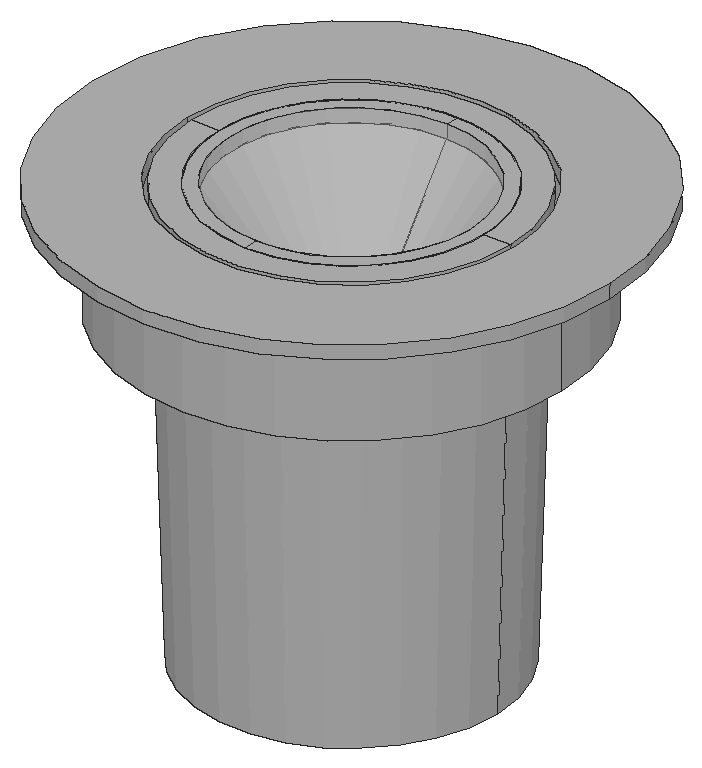
Revit family "3079456 Feilo Sylvania Lighting Fixture INST ECO KIT LED ADJ BA 2-7K DIMMABLE", category Lighting Fixtures, host Face, Revit 2017
Family settings
  Host = Face
  Round Connector Dimension = Use Diameter
  Part Type = Normal
  OmniClass Number = 23.80.70.11.17
  OmniClass Title = Specialized Lighting by Location or Use
  Cut with Voids When Loaded = No
  Light Source = No
  Shared = No
  Room Calculation Point = No
Parameters (values of type "3079456 INST ECO KIT LED ADJ BA 2.7K DIMMABLE")
  Weight = "7.04 kg"
  WarrantyStartDate [instance] = "n/a"
  WarrantyGuarantorParts = "n/a"
  WarrantyDurationUnit = "n/a"
  WarrantyDurationParts = "n/a"
  WarrantyDescription = "n/a"
  Voltage = 230 V
  URL = "http://www.sylvania-lighting.com"
  TypeName = "INST ECO KIT LED ADJ BA 2.7K DIMMABLE"
  TypeHead_FEILO = Rotateable Head : 3079456 INST ECO KIT LED ADJ BA 2.7K DIMMABLE
  SerialNumber [instance] = "n/a"
  PowerFactor = 0
  PowerConsumption = "10 W"
  NominalWidth = 0.0 mm
  NominalLength = 78.0 mm
  NominalHeight = 62.0 mm
  Name = "INST ECO KIT LED ADJ BA 2.7K DIMMABLE"
  ModelReference = "INST ECO KIT LED ADJ BA 2.7K DIMMABLE"
  ModelNumber = "3079456"
  Material_1_FEILO = Aluminum_Sylvania_Instar Eco Kit Adjustable SunDim_Bright
  RecessedDepth_FEILO = Height_FEILO + 38.0 mm  # 100.0 mm
  Material = "aluminium housing, plastic diffuser"
  ManufacturerName = "Feilo Sylvania"
  LuminousEfficacy = "45 lm/W"
  LuminaireType = ""
  LightOutputRatio = "100"
  LampsType = Lamp  # "LED"
  LampNominalLuminous = "450 lm"
  LampMacAdamStep = "n/a"
  LampColourTemperature = "2700 K"
  LampColourRenderingIndex = "83"
  Keynote = "16500"
  InstallationDate [instance] = "n/a"
  InputVoltage = "220-240V~"
  InputNominalFrequency = "n/a"
  IngressProtection = "IP23"
  ImpactProtectionIndex = "IK02"
  IfcExportType = "IfcLightFixtureType"
  IfcExportAs = "IfcLightFixtureType"
  HeadRadius_FEILO = HeadDiameter_FEILO / 2  # 24.0 mm
  HeadDiameter_FEILO = AccessoryInnerDiameter_FEILO - 1.5 mm  # 48.0 mm
  ExpectedLife = 50000
  EndAngle_FEILO [instance] = FixtureTiltAngle_FEILO + 180.00°  # 180.00°
  ElectricShockClassification = "Class II"
  DurationUnit = "hours"
  DocumentationLiterature = "http://www.sylvania-lighting.com/product/en-int/products/3079456"
  DimmingControlOptions = "Dimmable"
  CreatedOn = "2/19/2018"
  CreatedBy = ""
  BarCode [instance] = "n/a"
  AssetType = "Fixed"
  AssetIdentifier [instance] = "n/a"
  AccessoryBodyOuterDiameter_FEILO = AccessoryInnerDiameter_FEILO + 14.0 mm  # 63.5 mm
  Offset_FEILO = -5.3 mm  # constant formula
  Diameter_FEILO = AccessoryOuterDiameter_FEILO  # 78.0 mm
  AccessoryInnerDiameter_FEILO = 49.5 mm
  Height_FEILO = 62.0 mm
  FixtureTiltAngle_FEILO [instance] = 0.00°
  CutoutDiameter_FEILO = Diameter_FEILO - 10.0 mm  # 68.0 mm
  Material_2_FEILO = Aluminum_Sylvania_Instar Eco Kit Adjustable SunDim_White
  Material_3_FEILO = Aluminum_Sylvania_Instar Eco Kit Adjustable SunDim_Brushed
  built-in parameter 1114216 [instance] = 1 (stored number, unit not read)
  Model = "INST ECO KIT LED ADJ BA 2.7K DIMMABLE"
  Manufacturer = "Feilo Sylvania"  # constant formula
  Lamp = "LED"
  Material_4_FEILO = Glass_Sylvania_Instar Eco Kit Adjustable SunDim_Clear
  Description = "Utilsing SunDim technology to acheive warmer colour temperature as the fitting is dimmed. Incredible colour quality with 92  to 94 CRI. 12W LED white downlight. Ideal for hospitality accent and display lighting applications such as bathrooms, wellness areas, terraces or porches. Choice of fixed, adjustable and dimmable fixed versions. Comes complete and ready to install with its driver. Available in white and brushed aluminium finishes. Outstanding performace, up to 545lm - at 3,000K. A small 68mm round cut out is required, giving the ability to place your light source almost anywhere due to a shallow luminaire depth of 49.9mm. Quick and easy to install. No UV or IR radiations. LED technology provides energy efficient solution and reduced maintenance costs"  # constant formula
  Default Elevation = 0.0 mm
  built-in parameter 1140040 [instance] = 1
  Assembly Code = "D5020200"
  Apparent Load = 10 VA
  AccessoryBodyInnerDiameter_FEILO = 60.0 mm
  AccessoryOuterDiameter_FEILO = AccessoryBodyInnerDiameter_FEILO + 18.0 mm  # 78.0 mm
Reference planes
  plane 1 "Center (Front/Back)": y = 0
  plane 2: z = 0
  plane 3 "Center (Left/Right)": x = 0
  plane 4 "Fixture Bottom": z = 2
  plane 5 "Accessory Top": z = -15
  plane 6 "Rotation Plane": z = -5.29
  plane 7: y = 5
  plane 8: y = -5
  plane 9: x = -5
Forms (mm)
  Extrusion 1, void
    sketch origin (0, 0, 58) x (-1, 0, 0) y (0, -1, 0)
      loop
        circle (0, 0) r 34
    from -376.952 to -56
  Extrusion 2, solid, material "Aluminum_Sylvania_Instar Eco Kit Adjustable SunDim_Brushed" <- "Material_3_FEILO"
    sketch origin (0, 0, 58) x (-1, 0, 0) y (0, -1, 0)
      loop
        circle (0, 0) r 39
      loop
        circle (0, 0) r 24.75
    from -58 to -56
  Extrusion 3, solid, material "Aluminum_Sylvania_Instar Eco Kit Adjustable SunDim_Brushed" <- "Material_3_FEILO"
    sketch origin (0, 0, 58) x (-1, 0, 0) y (0, -1, 0)
      loop
        circle (0, 0) r 30
      loop
        circle (0, 0) r 31.75
    from -73 to -58
  Revolve 4, solid, not visible
    sketch origin (1.164, -4572, -5.29) x (-1, 0, 0) y (0, -1, 0)
      loop
        line (1.164, -4577) -> (6.164, -4577) -> (6.164, -4567) -> (1.164, -4567) -> (1.164, -4577)
      axis (1.164, -4577) -> (1.164, -4567)
    angle from 0 <- "FixtureTiltAngle_FEILO" to 180 <- "EndAngle_FEILO"
Cuts and joins
  joined: Extrusion 2, Extrusion 3
Dimensions and locks
  locked: plane 4 "Fixture Bottom" to plane 2 at 2
  locked: plane 2 to plane 5 "Accessory Top" at 15
  locked: plane 2 to plane 6 "Rotation Plane" at 5.29
  plane 8 to plane 1 "Center (Front/Back)" to plane 7 = 5.0 mm locked, 5.0 mm locked
  locked: plane 9 to plane 3 "Center (Left/Right)" at 5
  "AccessoryOuterDiameter_FEILO": diameter of Extrusion 2 sketch curve
  "AccessoryInnerDiameter_FEILO": diameter of Extrusion 2 sketch curve
  "AccessoryBodyOuterDiameter_FEILO": diameter of Extrusion 3 sketch curve
  "AccessoryBodyInnerDiameter_FEILO": diameter of Extrusion 3 sketch curve
  "CutoutDiameter_FEILO": diameter of Extrusion 1 sketch curve
  aligned and locked: plane 2 to host face
  aligned and locked: level to host face
  aligned and locked: Extrusion 2 to plane 2
  aligned and locked: plane 4 "Fixture Bottom" to Extrusion 2
  aligned and locked: plane 2 to Extrusion 3
  aligned and locked: Extrusion 3 to plane 5 "Accessory Top"
  aligned and locked: plane 4 "Fixture Bottom" to Extrusion 1
  aligned and locked: plane 3 "Center (Left/Right)" to Revolve 4 sketch curve
  aligned and locked: Revolve 4 sketch curve to plane 3 "Center (Left/Right)"
  aligned and locked: nested 1 to Revolve 4
  aligned and locked: nested 1 to plane 1 "Center (Front/Back)"
  aligned and locked: plane 8 to Revolve 4 sketch curve
  aligned and locked: Revolve 4 sketch curve to plane 7
  aligned and locked: Revolve 4 sketch curve to plane 9
Automatic sketch dimensions
  host sketch curve to host sketch curve = 345.0 mm
  host sketch curve to host sketch curve = 280.0 mm
  Revolve 4 sketch curve to plane 3 "Center (Left/Right)" = 0.0 mm  (x2)
  Revolve 4 sketch curve to plane 7 = 806.717 mm
  plane 8 to Revolve 4 sketch curve = 758.171 mm
  plane 1 "Center (Front/Back)" to Extrusion 1 sketch curve = 0.0 mm
  Extrusion 1 sketch curve to plane 3 "Center (Left/Right)" = 0.0 mm
  Extrusion 2 sketch curve to Extrusion 2 sketch curve = 0.0 mm  (x2)
  plane 1 "Center (Front/Back)" to Extrusion 2 sketch curve = 0.0 mm
  Extrusion 2 sketch curve to plane 3 "Center (Left/Right)" = 0.0 mm
  Extrusion 3 sketch curve to Extrusion 3 sketch curve = 0.0 mm  (x2)
  plane 1 "Center (Front/Back)" to Extrusion 3 sketch curve = 0.0 mm
  Extrusion 3 sketch curve to plane 3 "Center (Left/Right)" = 0.0 mm
Nested families
  nested 1: "Rotateable Head" at (0, -1.973, 0.01) x (1, 0, 0) z (0, 0, -1), type <- "TypeHead_FEILO", type "3079456 INST ECO KIT LED ADJ BA 2.7K DIMMABLE"
Definition of nested family "Rotateable Head"
  Parameters (values of type "3079456 INST ECO KIT LED ADJ BA 2.7K DIMMABLE")
    Wattage = 10 W
    built-in parameter 1150110 = 1 (stored number, unit not read)
    URL = "http://www.feilosylvania.com"
    built-in parameter 1114217 = 1 (stored number, unit not read)
    Tilt Angle = 90.00°
    built-in parameter 1150109 = 1 (stored number, unit not read)
    built-in parameter 1150134 = (empty or 0)
    built-in parameter 1150113 = 1 (stored number, unit not read)
    Model = "INST ECO KIT LED ADJ BA 2.7K DIMMABLE"
    Material_1_FEILO = none
    Photometric Web File = "3079456.ies"
    Outer Radius = 24.0 mm
    Manufacturer = "Feilo Sylvania"
    built-in parameter 1150105 = 854.9 (stored number, unit not read)
    Lumens = 450 lm
    built-in parameter 1150115 = 1 (stored number, unit not read)
    built-in parameter 1150137 = (empty or 0)
    built-in parameter 1150139 = (empty or 0)
    built-in parameter 1150112 = 1 (stored number, unit not read)
    built-in parameter 1150114 = 1 (stored number, unit not read)
    Lamp = "LED"
    Keynote = "16500"
    Inner Radius = Outer Radius - 4.0 mm  # 20.0 mm
    built-in parameter 1150132 = 2
    built-in parameter 1150102 = (empty or 0)
    built-in parameter 1150107 = 2700 (stored number, unit not read)
    built-in parameter 1150138 = (empty or 0)
    built-in parameter 1150106 = 8.549 (stored number, unit not read)
    Height = 62.0 mm
    Emit from Circle Diameter = Diffuser Radius * 2  # 36.0 mm
    Emit Shape Visible in Rendering = no
    built-in parameter 1150104 = 4.1806 (stored number, unit not read)
    Dimming Lamp Color Temperature Shift = (empty or 0)
    Diffuser Radius = Outer Radius - 6.0 mm  # 18.0 mm
    Material_2_FEILO = none
    Description = "25° tiltable, IP23 Accent downlight perfect for 50W Halogen retrofits. Optimal solution in size and luminous efficiency for hospitality and accent and display lighting applications with a 36° beam and 450 lumen output. The downlight provides 2700K CCT and also comes including a dimmable driver."
    Default Elevation = 0.0 mm
    Color Filter = 16777215
    Material_3_FEILO = none
    built-in parameter 1114218 = 1 (stored number, unit not read)
    built-in parameter 1150133 = 10 (stored number, unit not read)
    Assembly Code = "D5020200"
    Apparent Load = 10 VA
  Types (12, lengths in mm): name | built-in parameter 1150134 | Model | Photometric Web File | built-in parameter 1150105 | Lumens | built-in parameter 1150107 | built-in parameter 1150106 | built-in parameter 1150104 | Description
    3079456 INST ECO KIT LED ADJ BA 2.7K DIMMABLE | (empty or 0) | "INST ECO KIT LED ADJ BA 2.7K DIMMABLE" | "3079456.ies" | 854.9 (stored number, unit not read) | 450 lm | 2700 (stored number, unit not read) | 8.549 (stored number, unit not read) | 4.1806 (stored number, unit not read) | "25° tiltable, IP23 Accent downlight perfect for 50W Halogen retrofits. Optimal solution in size and luminous efficiency for hospitality and accent and display lighting applications with a 36° beam and 450 lumen output. The downlight provides 2700K CCT and also comes including a dimmable driver."
    3079455 INST ECO KIT LED ADJ WH 2.7K DIMMABLE | (empty or 0) | "INST ECO KIT LED ADJ WH 2.7K DIMMABLE" | "3079455.ies" | 854.9 (stored number, unit not read) | 450 lm | 2700 (stored number, unit not read) | 8.549 (stored number, unit not read) | 4.1806 (stored number, unit not read) | "25° tiltable, IP23 Accent downlight perfect for 50W Halogen retrofits. Optimal solution in size and luminous efficiency for hospitality and accent and display lighting applications with a 36° beam and 450 lumen output. The downlight provides 2700K CCT and also comes including a dimmable driver."
    3079454 INST ECO KIT LED ADJ BA NW DIMMABLE | 12 | "INST ECO KIT LED ADJ BA NW DIMMABLE" | "3079454.ies" | 981.6 (stored number, unit not read) | 515 lm | 4000 (stored number, unit not read) | 9.816 (stored number, unit not read) | 4.7845 (stored number, unit not read) | "25° tiltable, IP23 Accent downlight perfect for 50W Halogen retrofits. Optimal solution in size and luminous efficiency for hospitality and accent and display lighting applications with a 36° beam and 515 lumen output. The downlight provides 4000K CCT and also comes including a dimmable driver."
    3079453 INST ECO KIT LED ADJ WH NW DIMMABLE | 12 | "INST ECO KIT LED ADJ WH NW DIMMABLE" | "3079453.ies" | 981.6 (stored number, unit not read) | 515 lm | 4000 (stored number, unit not read) | 9.816 (stored number, unit not read) | 4.7845 (stored number, unit not read) | "25° tiltable, IP23 Accent downlight perfect for 50W Halogen retrofits. Optimal solution in size and luminous efficiency for hospitality and accent and display lighting applications with a 36° beam and 515 lumen output. The downlight provides 4000K CCT and also comes including a dimmable driver."
    3079452 INST ECO KIT LED ADJ BA WW DIMMABLE | (empty or 0) | "INST ECO KIT LED ADJ BA WW DIMMABLE" | "3079452.ies" | 846.87 (stored number, unit not read) | 462 lm | 3000 (stored number, unit not read) | 8.4687 (stored number, unit not read) | 4.2921 (stored number, unit not read) | "25° tiltable, IP23 Accent downlight perfect for 50W Halogen retrofits. Optimal solution in size and luminous efficiency for hospitality and accent and display lighting applications with a 36° beam and 462 lumen output. The downlight provides 3000K CCT and also comes including a dimmable driver."
    3079451 INST ECO KIT LED ADJ WH WW DIMMABLE | (empty or 0) | "INST ECO KIT LED ADJ WH WW DIMMABLE" | "3079451.ies" | 846.87 (stored number, unit not read) | 462 lm | 3000 (stored number, unit not read) | 8.4687 (stored number, unit not read) | 4.2921 (stored number, unit not read) | "25° tiltable, IP23 Accent downlight perfect for 50W Halogen retrofits. Optimal solution in size and luminous efficiency for hospitality and accent and display lighting applications with a 36° beam and 462 lumen output. The downlight provides 3000K CCT and also comes including a dimmable driver."
    3079356 INST ECO KIT LED ADJ BA 2700K | (empty or 0) | "INST ECO KIT LED ADJ BA 2700K" | "3079356.ies" | 854.9 (stored number, unit not read) | 450 lm | 2700 (stored number, unit not read) | 8.549 (stored number, unit not read) | 4.1806 (stored number, unit not read) | "25° tiltable, IP23 Accent downlight perfect for 50W Halogen retrofits. Optimal solution in size and luminous efficiency for hospitality and accent and display lighting applications with a 36° beam and 450 lumen output. The downlight provides 2700K CCT and also comes including a non dimmable driver."
    3079355 INST ECO KIT LED ADJ WH 2700K | (empty or 0) | "INST ECO KIT LED ADJ WH 2700K" | "3079355.ies" | 854.9 (stored number, unit not read) | 450 lm | 2700 (stored number, unit not read) | 8.549 (stored number, unit not read) | 4.1806 (stored number, unit not read) | "25° tiltable, IP23 Accent downlight perfect for 50W Halogen retrofits. Optimal solution in size and luminous efficiency for hospitality and accent and display lighting applications with a 36° beam and 450 lumen output. The downlight provides 2700K CCT and also comes including a non dimmable driver."
    3079354 INST ECO KIT LED ADJ BA 36° NW | 12 | "INST ECO KIT LED ADJ BA 36° NW" | "3079354.ies" | 981.6 (stored number, unit not read) | 515 lm | 4000 (stored number, unit not read) | 9.816 (stored number, unit not read) | 4.7845 (stored number, unit not read) | "25° tiltable, IP23 Accent downlight perfect for 50W Halogen retrofits. Optimal solution in size and luminous efficiency for hospitality and accent and display lighting applications with a 36° beam and 515 lumen output. The downlight provides 4000K CCT and also comes including a non dimmable driver."
    3079353 INST ECO KIT LED ADJ WH 36° NW | 12 | "INST ECO KIT LED ADJ WH 36° NW" | "3079353.ies" | 981.6 (stored number, unit not read) | 515 lm | 4000 (stored number, unit not read) | 9.816 (stored number, unit not read) | 4.7845 (stored number, unit not read) | "25° tiltable, IP23 Accent downlight perfect for 50W Halogen retrofits. Optimal solution in size and luminous efficiency for hospitality and accent and display lighting applications with a 36° beam and 515 lumen output. The downlight provides 4000K CCT and also comes including a non dimmable driver."
    3079352 INST ECO KIT LED ADJ BA 36° WW | (empty or 0) | "INST ECO KIT LED ADJ BA 36° WW" | "3079352.ies" | 846.87 (stored number, unit not read) | 462 lm | 3000 (stored number, unit not read) | 8.4687 (stored number, unit not read) | 4.2921 (stored number, unit not read) | "25° tiltable, IP23 Accent downlight perfect for 50W Halogen retrofits. Optimal solution in size and luminous efficiency for hospitality and accent and display lighting applications with a 36° beam and 462 lumen output. The downlight provides 3000K CCT and also comes including a non dimmable driver."
    3079351 INST ECO KIT LED ADJ WH 36° WW | (empty or 0) | "INST ECO KIT LED ADJ WH 36° WW" | "3079351.ies" | 846.87 (stored number, unit not read) | 462 lm | 3000 (stored number, unit not read) | 8.4687 (stored number, unit not read) | 4.2921 (stored number, unit not read) | "25° tiltable, IP23 Accent downlight perfect for 50W Halogen retrofits. Optimal solution in size and luminous efficiency for hospitality and accent and display lighting applications with a 36° beam and 462 lumen output. The downlight provides 3000K CCT and also comes including a non dimmable driver."
  Reference planes
    plane 1 "Center (Front/Back)": y = -1.973
    plane 2: z = 0
    plane 3 "Center (Left/Right)": x = 0
    plane 4: z = -2
    plane 5: z = 62
    plane 6: z = 58
    plane 7: z = 5.3
  Forms (mm)
    Revolve 1, solid, material <- "Material_1_FEILO", detail levels fine
      sketch origin (0, 0, 0) x (0, 1, 0) y (0, 0, 1)
        loop
          line (18.027, -2) -> (17.433, 17) -> (-1.973, 17) -> (-1.973, 15) -> (5.129, 15) -> (16.027, 0) -> (16.027, -2) -> (18.027, -2)
        axis (-1.973, 17) -> (-1.973, -2)
      angle from 0 to 360
    Extrusion 2, solid, material <- "Material_2_FEILO", detail levels fine
      sketch origin (0, 0, 0) x (1, 0, 0) y (0, 1, 0)
        loop
          circle (0, -1.973) r 18
      from -2 to 0
    Revolve 3, solid, material <- "Material_3_FEILO", detail levels fine
      sketch origin (0, -1.973, 0) x (1, 0, 0) y (0, 0, 1)
        loop
          line (-24, -2) -> (-20, -2) -> (-18.125, 58) -> (0, 58) -> (0, 62) -> (-22, 62) -> (-24, -2)
        axis (0, 62) -> (0, -2)
      angle from 0 to 360
    Revolve 4, solid, material <- "Material_3_FEILO", detail levels coarse+medium
      sketch origin (0, -1.973, 0) x (1, 0, 0) y (0, 0, 1)
        loop
          line (-24, -2) -> (0, -2) -> (0, 62) -> (-22, 62) -> (-24, -2)
        axis (0, 62) -> (0, -2)
      angle from 0 to 360
  Dimensions and locks
    "Outer Radius": plane 3 "Center (Left/Right)" to Revolve 3 sketch curve
    locked: Revolve 3 sketch curve to Revolve 3 sketch curve at 4
    locked: Revolve 3 sketch curve to Revolve 3 sketch curve at 3.998
    "Inner Radius": Revolve 1 sketch curve to plane 1 "Center (Front/Back)"
    locked: Revolve 1 sketch curve to Revolve 1 sketch curve at 2
    locked: plane 7 to plane 2 at 5.3
    "Outer Radius": imposter light to Revolve 4 sketch curve
    locked: level to plane 4 at 2
    locked: plane 5 to plane 6 at 4
    "Height": plane 5 to level
    "Diffuser Radius": radius of Extrusion 2 sketch curve
    aligned and locked: level to plane 2
    aligned and locked: Revolve 1 sketch curve to plane 4
    aligned and locked: plane 1 "Center (Front/Back)" to Revolve 1 sketch curve
    aligned and locked: Revolve 1 sketch curve to plane 1 "Center (Front/Back)"
    aligned and locked: plane 4 to Revolve 1 sketch curve
    aligned and locked: plane 2 to Revolve 1 sketch curve
    aligned and locked: Revolve 1 sketch curve to Revolve 1 sketch curve
    aligned and locked: Extrusion 2 to plane 4
    aligned and locked: plane 2 to Extrusion 2
    aligned and locked: Revolve 3 sketch curve to plane 5
    aligned and locked: Revolve 3 sketch curve to plane 6
    aligned and locked: Revolve 3 sketch curve to plane 3 "Center (Left/Right)"  (x2)
    aligned and locked: plane 3 "Center (Left/Right)" to imposter light
    aligned and locked: plane 1 "Center (Front/Back)" to imposter light
    aligned and locked: plane 4 to imposter light
    aligned and locked: Revolve 4 sketch curve to plane 5
    aligned and locked: Revolve 4 sketch curve to plane 4
    aligned and locked: Revolve 4 sketch curve to plane 3 "Center (Left/Right)"
  Automatic sketch dimensions
    Revolve 1 sketch curve to plane 1 "Center (Front/Back)" = 7.102 mm
    Revolve 1 sketch curve to Revolve 1 sketch curve = 12.304 mm
    Revolve 1 sketch curve to plane 7 = 9.7 mm
    Revolve 1 sketch curve to Revolve 1 sketch curve = 2.0 mm
    Revolve 1 sketch curve to plane 4 = 14.644 mm
    Revolve 1 sketch curve to Revolve 1 sketch curve = 17.617 mm
    plane 1 "Center (Front/Back)" to Extrusion 2 sketch curve = 0.0 mm
    Extrusion 2 sketch curve to plane 3 "Center (Left/Right)" = 0.0 mm
    Revolve 3 sketch curve to plane 4 = 0.0 mm
    Revolve 3 sketch curve to plane 4 = 30.928 mm
    Revolve 3 sketch curve to Revolve 3 sketch curve = 20.072 mm
    Revolve 4 sketch curve to plane 3 "Center (Left/Right)" = 0.0 mm
    Revolve 4 sketch curve to plane 3 "Center (Left/Right)" = 22.0 mm
    Revolve 4 sketch curve to Revolve 4 sketch curve = 30.928 mm
    Revolve 4 sketch curve to Revolve 4 sketch curve = 20.072 mm
